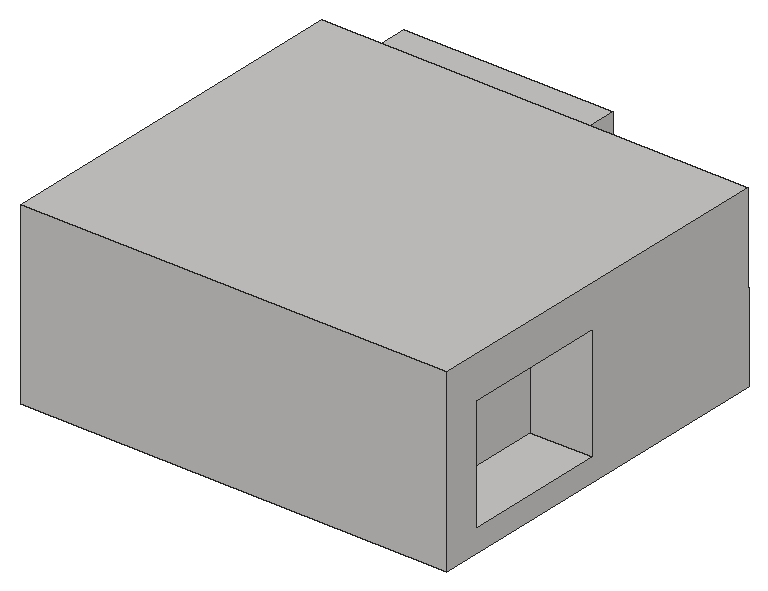
Revit family
Parameters
  Width = 3' - 0 1/8"
  Voltage = 277 V
  Unit Weight = "150.0 lbs"
  UltraLoc Liner = Choose Liner Option = 3  # no
  URL = "http://www.titus-hvac.com/"
  UL = "181"
  Supply Air Flow [instance] = 0 CFM
  SteriLoc Liner = Choose Liner Option = 2  # no
  Primary Air Pressure Drop [instance] = 0.00 in-wg
  Primary Air Flow [instance] = 0 CFM
  Plenum Air Pressure Drop [instance] = 0.00 in-wg
  Plenum Air Flow [instance] = 0 CFM
  Outlet Width = 1' - 2"
  Outlet Vertical Offset = 0' - 1 1/8"
  Outlet Horizontal Offset = 0' - 1 3/8"
  Outlet Height = 0' - 11"
  Number of Poles = 1
  Nominal Width = Width + 0' 6 1/4"  # 3' - 6 3/8"
  Nominal Length = Length + 0' 3 3/8"  # 3' - 8 1/4"
  Nominal Inlet Size = 0' - 8"
  Nominal Height = 1' - 5 1/8"
  NFPA = "90A"
  Motor Full Load Amps = 2.4 A
  Model = "DTQS"
  Min. Air Flow = 0 CFM
  Max. Air Flow = 0 CFM
  Material = Galvanized Steel
  Manufacturer = "Titus"
  Length = 3' - 4 7/8"
  Juction Box Offset = 0' - 2 7/8"
  Inlet Diameter = Nominal Inlet Size - 0' 0 1/8"  # 0' - 7 7/8"
  Induced Air Inlet Offset = 0' - 4 1/2"
  Induced Air Inlet Width = 1' - 1 1/4"
  Induced Air Inlet Height = 1' - 2 1/2"
  Induced Air Filter = no
  Heating Total Capacity [instance] = 0 Btu/h
  Half Outlet Connection Width = Outlet Width / 2  # 0' - 7"
  Half Outlet Connection Height = Outlet Height / 2  # 0' - 5 1/2"
  Half Height Start = -(Nominal Height / 2)  # -0' - 8 9/16"
  Half Height End = Nominal Height / 2  # 0' - 8 9/16"
  HP-Motor = "1/4"
  Frequency = 60 Hz
  Filter Size = "19\"x17\""
  Fiber Free Liner = Choose Liner Option = 1  # no
  Fan Disconnect Switch = no
  Duct Radius = Nominal Inlet Size / 2  # 0' - 4"
  Description = "Series Fan Powered Terminal Unit, Direct Digital Control, Pressure Independent"
  Connection Void Radius = Connection Radius - 0' 0 1/4"  # 0' - 3 11/16"
  Connection Radius = Inlet Diameter / 2  # 0' - 3 15/16"
  Choose Liner Option = 0
  CADworks URL = "www.CADworks.net"
  Assembly Code = "D3040100"
  Apparent Power = Voltage * Motor Full Load Amps  # 664.8 VA
  Air Inlet Offset = 0' - 6"
  1/2" Fiberglass Liner = Choose Liner Option = 0  # yes
Reference planes (in)
  plane 1 "Center (Front/Back)": y = 0
  plane 2: z = 0
  plane 3 "Center (Left/Right)": x = 3
  plane 4: x = -17.4375
  plane 5: x = 23.4375
  plane 6: x = -14.5625
  plane 7: x = -20.8125
  plane 8 "Center (Elevation)": z = 0
  plane 9: y = -18.0625
  plane 10: y = 18.0625
  plane 11: y = 12.0625
  plane 12: y = -13.5625
  plane 13: x = -11.4375
  plane 14: x = 17.4375
  plane 15: y = 24.3125
  plane 16: z = 8.5625
  plane 17: z = -8.5625
Forms (in)
  Extrusion 1, solid, material "Galvanized Steel" <- "Material"
    sketch origin (61, -3.76302, 78.80279) x (1, 0, 0) y (0, 1, 0)
      loop
        line (-78.4375, 21.82552) -> (-78.4375, -14.29948) -> (-37.5625, -14.29948) -> (-37.5625, 21.82552) -> (-78.4375, 21.82552)
    from -87.36529 <- "Half Height Start" to -70.24029 <- "Half Height End"
  Extrusion 2, solid, material "Galvanized Steel" <- "Material"
    sketch origin (4.0625, 0, 42) x (1, 0, 0) y (0, 1, 0)
      loop
        line (-18.625, 18.0625) -> (1.375, 18.0625) -> (1.375, 24.3125) -> (-18.625, 24.3125) -> (-18.625, 18.0625)
    from -48 to -36
  Extrusion 3, void
    sketch origin (23.4375, 18.0625, 76.42779) x (0, 1, 0) y (0, 0, -1)
      loop
        line (-18.625, 71.86529) -> (-18.625, 82.86529) -> (-32.625, 82.86529) -> (-32.625, 71.86529) -> (-18.625, 71.86529)
    from 0 to 6
  Extrusion 4, solid, material "Galvanized Steel" <- "Material"
    sketch origin (-24.875, -0.4375, 0) x (0, 0, -1) y (0, 1, 0)
      loop
        circle (0, 12.5) r 3.9375
    from 4.0625 to 7.4375
  Extrusion 5, void
    sketch origin (-24.875, 0, 0) x (0, 1, 0) y (0, 0, 1)
      loop
        circle (12.0625, 0) r 3.6875
    from 4.0625 to 13.4375
  Extrusion 6, void
    sketch origin (-17.4375, -18.0625, 78.67779) x (0, -1, 0) y (0, 0, -1)
      loop
        line (-17.75, 71.49029) -> (-4.5, 71.49029) -> (-4.5, 85.99029) -> (-17.75, 85.99029) -> (-17.75, 71.49029)
    from 0 to 6
Cuts and joins
  Extrusion 3, Extrusion 5, Extrusion 6 cuts Extrusion 1
  Extrusion 5 cuts Extrusion 4
Dimensions and locks (in)
  "Length": plane 5 to plane 4
  equal spacing: plane 5, plane 3 "Center (Left/Right)", plane 4
  locked: Extrusion 2 to plane 6 at 0
  locked: Extrusion 2 to Extrusion 2 at 20
  "Juction Box Offset": plane 6 to plane 4
  "Outlet Height": Extrusion 3 sketch curve to Extrusion 3 sketch curve
  "Outlet Width": Extrusion 3 sketch curve to Extrusion 3 sketch curve
  locked: plane 4 to plane 7 at 3.375
  "Width": plane 9 to plane 10
  equal spacing: plane 9, plane 1 "Center (Front/Back)", plane 10
  locked: Extrusion 4 sketch curve to level at 0
  locked: Extrusion 4 sketch curve to plane 11 at 0
  locked: Extrusion 5 sketch curve to level at 0
  locked: Extrusion 5 sketch curve to plane 11 at 0
  locked: Extrusion 2 to Extrusion 2 at 6.25
  "Air Inlet Offset": plane 10 to plane 11
  locked: Extrusion 2 to plane 10 at 0
  locked: cut or joined group of Extrusion 4, Extrusion 5 to plane 7 at 0
  locked: cut or joined group of Extrusion 4, Extrusion 5 to cut or joined group of Extrusion 4, Extrusion 5 at 3.375
  "Induced Air Inlet Offset": plane 9 to plane 12
  "Induced Air Inlet Width": Extrusion 6 sketch curve to Extrusion 6 sketch curve
  "Induced Air Inlet Height": Extrusion 6 sketch curve to Extrusion 6 sketch curve
  "Induced Air Inlet Offset": Extrusion 6 sketch curve to plane 9
  locked: plane 9 to Extrusion 3 sketch curve at 3.5
  cut or joined group of Extrusion 1, Extrusion 3, Extrusion 5, Extrusion 6 to Extrusion 6 sketch curve = 0' - 1 3/8"
  cut or joined group of Extrusion 1, Extrusion 3, Extrusion 5, Extrusion 6 to Extrusion 3 sketch curve = 0' - 2 1/8"
  locked: Extrusion 2 to Extrusion 2 at 12
  equal spacing: Extrusion 2, level, Extrusion 2
  locked: cut or joined group of Extrusion 1, Extrusion 3, Extrusion 5, Extrusion 6 to cut or joined group of Extrusion 1, Extrusion 3, Extrusion 5, Extrusion 6 at 17.125
  equal spacing: cut or joined group of Extrusion 1, Extrusion 3, Extrusion 5, Extrusion 6, level, cut or joined group of Extrusion 1, Extrusion 3, Extrusion 5, Extrusion 6
  locked: plane 4 to plane 13 at 6
  locked: plane 14 to plane 5 at 6
  "Connection Radius": radius of Extrusion 4 sketch curve
  "Connection Void Radius": radius of Extrusion 5 sketch curve
  aligned and locked: cut or joined group of Extrusion 1, Extrusion 3, Extrusion 5, Extrusion 6 to plane 10
  aligned and locked: plane 9 to cut or joined group of Extrusion 1, Extrusion 3, Extrusion 5, Extrusion 6
  aligned and locked: plane 5 to cut or joined group of Extrusion 1, Extrusion 3, Extrusion 5, Extrusion 6
  aligned and locked: cut or joined group of Extrusion 1, Extrusion 3, Extrusion 5, Extrusion 6 to plane 4
  aligned and locked: Extrusion 3 to plane 14
  aligned and locked: plane 13 to Extrusion 6
  aligned and locked: Extrusion 6 to Extrusion 5
Automatic sketch dimensions
  plane 4 to Extrusion 1 sketch curve = 0' - 0"
  plane 5 to Extrusion 1 sketch curve = 0' - 0"
  plane 9 to Extrusion 1 sketch curve = 0' - 0"
  plane 10 to Extrusion 1 sketch curve = 0' - 0"
  Extrusion 2 sketch curve to plane 6 = 0' - 0"
  Extrusion 2 sketch curve to plane 10 = 0' - 0"
  plane 3 "Center (Left/Right)" to Extrusion 2 sketch curve = 0' - 2 7/16"
  Extrusion 2 sketch curve to plane 10 = 0' - 6 1/4"
Connectors (in)
  electrical at (-4.5625, 24.3125, 0), driven by "Apparent Power", driven by "Voltage", driven by "Number of Poles"
    settings: on Extrusion 2, index 8
  hvac at (-20.8125, 12.0625, 0), driven by "Primary Air Flow", driven by "Duct Radius", driven by "Primary Air Pressure Drop"
    settings: on cut or joined group of Extrusion 4, Extrusion 5, index 9
  hvac at (-17.4375, -6.9375, -0.0625), driven by "Induced Air Inlet Width", driven by "Induced Air Inlet Height", driven by "Plenum Air Pressure Drop", driven by "Plenum Air Flow"
    settings: on cut or joined group of Extrusion 1, Extrusion 3, Extrusion 5, Extrusion 6, index 14
  hvac at (23.4375, -7.5625, -0.9375), driven by "Supply Air Flow", driven by "Outlet Width", driven by "Outlet Height"
    settings: on cut or joined group of Extrusion 1, Extrusion 3, Extrusion 5, Extrusion 6, index 15
